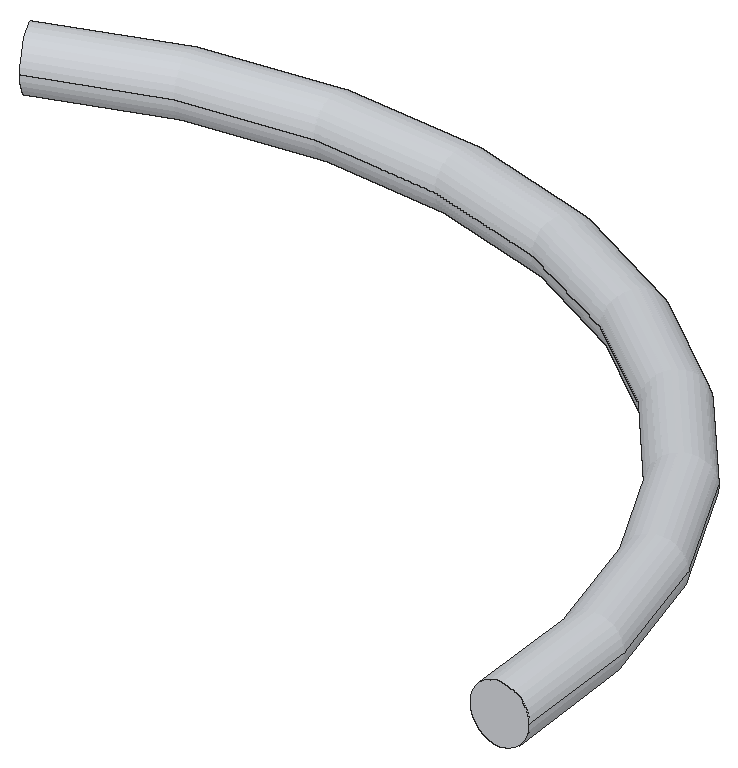
Revit family "DuctFitting_Round_Elbow", category Duct Fittings, Revit 2020
Family settings
  Round Connector Dimension = Use Diameter
  Part Type = Elbow
  Work Plane-Based = No
  Always vertical = Yes
  Cut with Voids When Loaded = No
  Shared = No
Parameters
  円脈長さ [instance] = (pi() * (Radius) * (Angle)) / 180.00°  # 2269.852 mm
  Radius [instance] = 1120 mm
  Diameter [instance] = 100 mm
  Default Elevation = 0 mm
  Angle [instance] = 116.119°
Reference planes
  plane 1 "Center (Front/Back)": y = 0
  plane 2: z = 0
  plane 3 "Center (Left/Right)": x = 0
Forms (mm)
  Sweep 1, solid
    path origin (0, 0, 0) x (1, 0, 0) y (0, 1, 0)
      loop
        arc (1120, 0) -> (592.526, 950.428) -> (-493.06, 1005.63) r 1120
    profile origin (592.526, 950.428, 0) x (-0.529041, -0.848596, 0) y (0, 0, 1)
      loop
        circle (0, 0) r 50
Dimensions and locks
  "Radius": radius of Sweep 1 sketch curve
  "Diameter": diameter of Sweep 1 sketch curve
  "Angle": angle Sweep 1 sketch curve to Sweep 1 sketch curve
  aligned and locked: level to plane 2
  aligned and locked: plane 1 "Center (Front/Back)" to Sweep 1 sketch curve
Automatic sketch dimensions
  Sweep 1 sketch curve to plane 3 "Center (Left/Right)" = 0 mm
  level to Sweep 1 sketch curve = 0 mm
  Sweep 1 sketch curve to profile plane = 0 mm
Connectors
  hvac at (-493.06, 1005.63, 0), driven by "Diameter"
    settings: on Sweep 1, index 1, duct flow 0.0 L/s, flow factor 0, pres drop 0.0 Pa, loss coef 0, conn angle 0.00°, conn width 304.8 mm, conn height 304.8 mm, conn diameter 100 mm, duct sys type 1, conn prof type 0, flow config 0, flow direction 0, loss method 0, conn ref index -1, conn util no, is conn primary yes, conn desc ""
  hvac at (1120, 0, 0), driven by "Diameter"
    settings: on Sweep 1, index 2, duct flow 0.0 L/s, flow factor 0, pres drop 0.0 Pa, loss coef 0, conn angle 0.00°, conn width 304.8 mm, conn height 304.8 mm, conn diameter 100 mm, duct sys type 1, conn prof type 0, flow config 0, flow direction 0, loss method 0, conn ref index -1, conn util no, is conn primary no, conn desc ""
